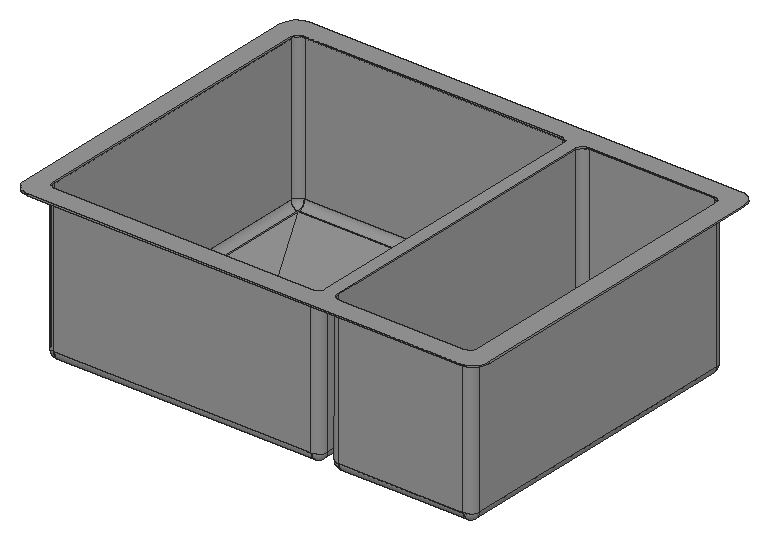
Revit family "BUILDMAT-SNGD010-Clara-595-Brass-Gold", category Plumbing Fixtures, host Face, Revit 2020
Family settings
  Host = Face
  Round Connector Dimension = Use Diameter
  Part Type = Normal
  Cut with Voids When Loaded = No
  Shared = No
  Room Calculation Point = No
Parameters (values of type "Clara 595x450x205mm")
  Width 2 = 180.0 mm
  Width 1 = 350.0 mm
  Undermount [instance] = 20.0 mm
  URL = "https://www.buildmat.com.au/products/clara-595x450-single-mini-bowl-sink"
  Sound Pad 2 = no
  Sound Pad 1 = yes
  Model = "SNA00010"  # constant formula
  Material = BUILDMAT Brass Gold
  Manufacturer URL = "https://www.buildmat.com.au/"
  Manufacturer = "BUILDMAT"  # constant formula
  Length = 400.0 mm
  Gap = 15.0 mm
  Drain Sound Pad 2 = no
  Drain Sound Pad 1 = yes
  Description = "BUILDMAT - Clara 595x450 Single & Mini Bowl Sink"  # constant formula
  Depth = 205.0 mm
  Default Elevation = 1200.0 mm
  D. S. Pad 2 = 75.0 mm
  D. S. Pad 1 = 230.0 mm
  D. Bracket 4 = 100.0 mm
  D. Bracket 3 = 25.0 mm
  D. Bracket 2 = 30.0 mm
  D. Bracket 1 = 100.0 mm
  Created By URL = "https://www.buildmat.com.au/"
  Created By = "BUILDMAT"  # constant formula
  Created = "22.06.2022"  # constant formula
  Bracket 4 = yes
  Bracket 3 = no
  Bracket 2 = yes
  Bracket 1 = yes
Reference planes
  plane 1 "Center (Front/Back)": y = 0
  plane 2: z = 0
  plane 3 "Center (Left/Right)": x = 0
  plane 4: x = -7.5
  plane 5: x = 7.5
  plane 6: x = -357.5
  plane 7: x = 187.5
  plane 8: y = -200
  plane 9: y = 200
  plane 10: x = -382.5
  plane 11: x = 212.5
  plane 12: y = -225
  plane 13: y = 225
  plane 14: x = 97.5
  plane 15: x = -182.5
  plane 16: y = 190
  plane 17: y = -190
  plane 18: x = -347.5
  plane 19: x = -17.5
  plane 20: x = 17.5
  plane 21: x = 177.5
  plane 22: y = 201.5
  plane 23: y = -201.5
  plane 24: x = -359
  plane 25: x = -6
  plane 26: x = 6
  plane 27: x = 189
  plane 28: x = -239.5
  plane 29: x = -125.5
  plane 30: x = -137.5
  plane 31: x = -227.5
  plane 32: x = 40.5
  plane 33: x = 52.5
  plane 34: x = 142.5
  plane 35: x = 154.5
  plane 36 "Sound Pad 1": x = -127.5
  plane 37 "Sound Pad 2": x = 112.5
  plane 38 "Top Substrate": z = -20
  plane 39: z = -18.5
  plane 40 "Bottom Void": z = -225
  plane 41: z = -215
  plane 42: z = -205
  plane 43: z = -220
  plane 44: z = -221.481
  plane 45: z = -216.5
  plane 46 "Sound Pad": z = -125
  plane 47 "Bracket 1": x = -257.5
  plane 48 "Bracket 2": x = -37.5
  plane 49 "Bracket 3": x = 32.5
  plane 50 "Bracket 4": x = 87.5
  plane 51: y = 100
  plane 52: y = -100
  plane 53: x = -282.5
  plane 54: x = -82.5
  plane 55: x = -2.5
  plane 56: x = 197.5
  plane 57: z = -185
  plane 58: z = -165
Forms (mm)
  Extrusion 1, void
    sketch origin (0, 0, 0) x (1, 0, 0) y (0, 1, 0)
      loop
        arc (-347.5, 200) -> (-354.571, 197.071) -> (-357.5, 190) r 10
        line (-357.5, 190) -> (-357.5, -190)
        arc (-357.5, -190) -> (-354.571, -197.071) -> (-347.5, -200) r 10
        line (-347.5, -200) -> (177.5, -200)
        arc (177.5, -200) -> (184.571, -197.071) -> (187.5, -190) r 10
        line (187.5, -190) -> (187.5, 190)
        arc (187.5, 190) -> (184.571, 197.071) -> (177.5, 200) r 10
        line (177.5, 200) -> (-347.5, 200)
    from 0 to -18.5
  Extrusion 2, void
    sketch origin (0, 0, 0) x (1, 0, 0) y (0, 1, 0)
      loop
        arc (-362.5, 225) -> (-376.642, 219.142) -> (-382.5, 205) r 20
        line (-382.5, 205) -> (-382.5, -205)
        arc (-382.5, -205) -> (-376.642, -219.142) -> (-362.5, -225) r 20
        line (-362.5, -225) -> (192.5, -225)
        arc (192.5, -225) -> (206.642, -219.142) -> (212.5, -205) r 20
        line (212.5, -205) -> (212.5, 205)
        arc (212.5, 205) -> (206.642, 219.142) -> (192.5, 225) r 20
        line (192.5, 225) -> (-362.5, 225)
    from -20 to -18.5
  Extrusion 3, void
    sketch origin (0, 0, 0) x (1, 0, 0) y (0, 1, 0)
      loop
        line (-359, 201.5) -> (-359, -201.5) -> (189, -201.5) -> (189, 201.5) -> (-359, 201.5)
    from -225 to -20
  Extrusion 4, solid, material "BUILDMAT Brass Gold" <- "Material"
    sketch origin (0, 0, -20) x (-1, 0, 0) y (0, -1, 0)
      loop
        arc (362.5, -225) -> (376.642, -219.142) -> (382.5, -205) r 20
        line (382.5, -205) -> (382.5, 205)
        arc (382.5, 205) -> (376.642, 219.142) -> (362.5, 225) r 20
        line (362.5, 225) -> (-192.5, 225)
        arc (-192.5, 225) -> (-206.642, 219.142) -> (-212.5, 205) r 20
        line (-212.5, 205) -> (-212.5, -205)
        arc (-212.5, -205) -> (-206.642, -219.142) -> (-192.5, -225) r 20
        line (-192.5, -225) -> (362.5, -225)
      loop
        arc (347.5, -200) -> (354.571, -197.071) -> (357.5, -190) r 10
        line (357.5, -190) -> (357.5, 190)
        arc (357.5, 190) -> (354.571, 197.071) -> (347.5, 200) r 10
        line (347.5, 200) -> (17.5, 200)
        arc (17.5, 200) -> (10.429, 197.071) -> (7.5, 190) r 10
        line (7.5, 190) -> (7.5, -190)
        arc (7.5, -190) -> (10.429, -197.071) -> (17.5, -200) r 10
        line (17.5, -200) -> (347.5, -200)
      loop
        line (-7.5, -190) -> (-7.5, 190)
        arc (-7.5, 190) -> (-10.429, 197.071) -> (-17.5, 200) r 10
        line (-17.5, 200) -> (-177.5, 200)
        arc (-177.5, 200) -> (-184.571, 197.071) -> (-187.5, 190) r 10
        line (-187.5, 190) -> (-187.5, -190)
        arc (-187.5, -190) -> (-184.571, -197.071) -> (-177.5, -200) r 10
        line (-177.5, -200) -> (-17.5, -200)
        arc (-17.5, -200) -> (-10.429, -197.071) -> (-7.5, -190) r 10
    from 0 to 1.5
  Extrusion 5, solid, material "BUILDMAT Brass Gold" <- "Material"
    sketch origin (0, 0, -20) x (-1, 0, 0) y (0, -1, 0)
      loop
        arc (347.5, -200) -> (354.571, -197.071) -> (357.5, -190) r 10
        line (357.5, -190) -> (357.5, 190)
        arc (357.5, 190) -> (354.571, 197.071) -> (347.5, 200) r 10
        line (347.5, 200) -> (17.5, 200)
        arc (17.5, 200) -> (10.429, 197.071) -> (7.5, 190) r 10
        line (7.5, 190) -> (7.5, -190)
        arc (7.5, -190) -> (10.429, -197.071) -> (17.5, -200) r 10
        line (17.5, -200) -> (347.5, -200)
      loop
        arc (347.5, -201.5) -> (355.632, -198.132) -> (359, -190) r 11.5
        line (359, -190) -> (359, 190)
        arc (359, 190) -> (355.632, 198.132) -> (347.5, 201.5) r 11.5
        line (347.5, 201.5) -> (17.5, 201.5)
        arc (17.5, 201.5) -> (9.368, 198.132) -> (6, 190) r 11.5
        line (6, 190) -> (6, -190)
        arc (6, -190) -> (9.368, -198.132) -> (17.5, -201.5) r 11.5
        line (17.5, -201.5) -> (347.5, -201.5)
    from 0 to -185
  Extrusion 6, solid, material "BUILDMAT Brass Gold" <- "Material"
    sketch origin (0, 0, -20) x (-1, 0, 0) y (0, -1, 0)
      loop
        arc (-17.5, -200) -> (-10.429, -197.071) -> (-7.5, -190) r 10
        line (-7.5, -190) -> (-7.5, 190)
        arc (-7.5, 190) -> (-10.429, 197.071) -> (-17.5, 200) r 10
        line (-17.5, 200) -> (-177.5, 200)
        arc (-177.5, 200) -> (-184.571, 197.071) -> (-187.5, 190) r 10
        line (-187.5, 190) -> (-187.5, -190)
        arc (-187.5, -190) -> (-184.571, -197.071) -> (-177.5, -200) r 10
        line (-177.5, -200) -> (-17.5, -200)
      loop
        line (-6, -190) -> (-6, 190)
        arc (-6, 190) -> (-9.368, 198.132) -> (-17.5, 201.5) r 11.5
        line (-17.5, 201.5) -> (-177.5, 201.5)
        arc (-177.5, 201.5) -> (-185.632, 198.132) -> (-189, 190) r 11.5
        line (-189, 190) -> (-189, -190)
        arc (-189, -190) -> (-185.632, -198.132) -> (-177.5, -201.5) r 11.5
        line (-177.5, -201.5) -> (-17.5, -201.5)
        arc (-17.5, -201.5) -> (-9.368, -198.132) -> (-6, -190) r 11.5
    from 0 to -185
  Extrusion 7, solid, material "BUILDMAT Brass Gold" <- "Material"
    sketch origin (0, 0, 0) x (1, 0, 0) y (0, 0, 1)
      loop
        line (-357.5, -205) -> (-359, -205)
        arc (-359, -205) -> (-355.632, -213.132) -> (-347.5, -216.5) r 11.5
        line (-347.5, -216.5) -> (-347.5, -215)
        arc (-347.5, -215) -> (-354.571, -212.071) -> (-357.5, -205) r 10
    from -190 to 190
  Extrusion 8, solid, material "BUILDMAT Brass Gold" <- "Material"
    sketch origin (0, 0, 0) x (1, 0, 0) y (0, 0, 1)
      loop
        arc (-7.5, -205) -> (-10.429, -212.071) -> (-17.5, -215) r 10
        line (-17.5, -215) -> (-17.5, -216.5)
        arc (-17.5, -216.5) -> (-9.368, -213.132) -> (-6, -205) r 11.5
        line (-6, -205) -> (-7.5, -205)
    from -190 to 190
  Extrusion 9, solid, material "BUILDMAT Brass Gold" <- "Material"
    sketch origin (0, 0, 0) x (1, 0, 0) y (0, 0, 1)
      loop
        line (7.5, -205) -> (6, -205)
        arc (6, -205) -> (9.368, -213.132) -> (17.5, -216.5) r 11.5
        line (17.5, -216.5) -> (17.5, -215)
        arc (17.5, -215) -> (10.429, -212.071) -> (7.5, -205) r 10
    from -190 to 190
  Extrusion 10, solid, material "BUILDMAT Brass Gold" <- "Material"
    sketch origin (0, 0, 0) x (1, 0, 0) y (0, 0, 1)
      loop
        arc (187.5, -205) -> (184.571, -212.071) -> (177.5, -215) r 10
        line (177.5, -215) -> (177.5, -216.5)
        arc (177.5, -216.5) -> (185.632, -213.132) -> (189, -205) r 11.5
        line (189, -205) -> (187.5, -205)
    from -190 to 190
  Extrusion 11, solid, material "BUILDMAT Brass Gold" <- "Material"
    sketch origin (0, 0, 0) x (0, 1, 0) y (0, 0, 1)
      loop
        line (201.5, -205) -> (200, -205)
        arc (200, -205) -> (197.071, -212.071) -> (190, -215) r 10
        line (190, -215) -> (190, -216.5)
        arc (190, -216.5) -> (198.132, -213.132) -> (201.5, -205) r 11.5
    from 17.5 to 177.5
  Extrusion 12, solid, material "BUILDMAT Brass Gold" <- "Material"
    sketch origin (0, 0, 0) x (0, 1, 0) y (0, 0, 1)
      loop
        line (-200, -205) -> (-201.5, -205)
        arc (-201.5, -205) -> (-198.132, -213.132) -> (-190, -216.5) r 11.5
        line (-190, -216.5) -> (-190, -215)
        arc (-190, -215) -> (-197.071, -212.071) -> (-200, -205) r 10
    from 17.5 to 177.5
  Extrusion 13, solid, material "BUILDMAT Brass Gold" <- "Material"
    sketch origin (0, 0, 0) x (0, 1, 0) y (0, 0, 1)
      loop
        arc (200, -205) -> (197.071, -212.071) -> (190, -215) r 10
        line (190, -215) -> (190, -216.5)
        arc (190, -216.5) -> (198.132, -213.132) -> (201.5, -205) r 11.5
        line (201.5, -205) -> (200, -205)
    from -347.5 to -17.5
  Extrusion 14, solid, material "BUILDMAT Brass Gold" <- "Material"
    sketch origin (0, 0, 0) x (0, 1, 0) y (0, 0, 1)
      loop
        line (-200, -205) -> (-201.5, -205)
        arc (-201.5, -205) -> (-198.132, -213.132) -> (-190, -216.5) r 11.5
        line (-190, -216.5) -> (-190, -215)
        arc (-190, -215) -> (-197.071, -212.071) -> (-200, -205) r 10
    from -347.5 to -17.5
  Revolve 15, solid, material "BUILDMAT Brass Gold" <- "Material"
    sketch origin (-423.435, 190, 4000) x (-1, 0, 0) y (0, 0, 1)
      loop
        arc (-65.935, -4205) -> (-68.864, -4212.071) -> (-75.935, -4215) r 10
        line (-75.935, -4215) -> (-75.935, -4216.5)
        arc (-75.935, -4216.5) -> (-67.804, -4213.132) -> (-64.435, -4205) r 11.5
        line (-64.435, -4205) -> (-65.935, -4205)
      axis (-75.935, -4205) -> (-75.935, -4216.5)
    angle from -90 to 0
  Revolve 16, solid, material "BUILDMAT Brass Gold" <- "Material"
    sketch origin (-423.435, 190, 4000) x (-1, 0, 0) y (0, 0, 1)
      loop
        line (-415.935, -4205) -> (-417.435, -4205)
        arc (-417.435, -4205) -> (-414.067, -4213.132) -> (-405.935, -4216.5) r 11.5
        line (-405.935, -4216.5) -> (-405.935, -4215)
        arc (-405.935, -4215) -> (-413.006, -4212.071) -> (-415.935, -4205) r 10
      axis (-405.935, -4205) -> (-405.935, -4216.5)
    angle from -90 to 0
  Revolve 17, solid, material "BUILDMAT Brass Gold" <- "Material"
    sketch origin (-423.435, 190, 4000) x (-1, 0, 0) y (0, 0, 1)
      loop
        arc (-430.935, -4205) -> (-433.864, -4212.071) -> (-440.935, -4215) r 10
        line (-440.935, -4215) -> (-440.935, -4216.5)
        arc (-440.935, -4216.5) -> (-432.804, -4213.132) -> (-429.435, -4205) r 11.5
        line (-429.435, -4205) -> (-430.935, -4205)
      axis (-440.935, -4205) -> (-440.935, -4216.5)
    angle from -90 to 0
  Revolve 18, solid, material "BUILDMAT Brass Gold" <- "Material"
    sketch origin (-423.435, 190, 4000) x (-1, 0, 0) y (0, 0, 1)
      loop
        line (-610.935, -4205) -> (-612.435, -4205)
        arc (-612.435, -4205) -> (-609.067, -4213.132) -> (-600.935, -4216.5) r 11.5
        line (-600.935, -4216.5) -> (-600.935, -4215)
        arc (-600.935, -4215) -> (-608.006, -4212.071) -> (-610.935, -4205) r 10
      axis (-600.935, -4205) -> (-600.935, -4216.5)
    angle from -90 to 0
  Revolve 19, solid, material "BUILDMAT Brass Gold" <- "Material"
    sketch origin (-423.435, -190, 4000) x (-1, 0, 0) y (0, 0, 1)
      loop
        arc (-65.935, -4205) -> (-68.864, -4212.071) -> (-75.935, -4215) r 10
        line (-75.935, -4215) -> (-75.935, -4216.5)
        arc (-75.935, -4216.5) -> (-67.804, -4213.132) -> (-64.435, -4205) r 11.5
        line (-64.435, -4205) -> (-65.935, -4205)
      axis (-75.935, -4205) -> (-75.935, -4216.5)
    angle from 0 to 90
  Revolve 20, solid, material "BUILDMAT Brass Gold" <- "Material"
    sketch origin (-423.435, -190, 4000) x (-1, 0, 0) y (0, 0, 1)
      loop
        arc (-417.435, -4205) -> (-414.067, -4213.132) -> (-405.935, -4216.5) r 11.5
        line (-405.935, -4216.5) -> (-405.935, -4215)
        arc (-405.935, -4215) -> (-413.006, -4212.071) -> (-415.935, -4205) r 10
        line (-415.935, -4205) -> (-417.435, -4205)
      axis (-405.935, -4205) -> (-405.935, -4216.5)
    angle from 0 to 90
  Revolve 21, solid, material "BUILDMAT Brass Gold" <- "Material"
    sketch origin (-423.435, -190, 4000) x (-1, 0, 0) y (0, 0, 1)
      loop
        line (-429.435, -4205) -> (-430.935, -4205)
        arc (-430.935, -4205) -> (-433.864, -4212.071) -> (-440.935, -4215) r 10
        line (-440.935, -4215) -> (-440.935, -4216.5)
        arc (-440.935, -4216.5) -> (-432.804, -4213.132) -> (-429.435, -4205) r 11.5
      axis (-440.935, -4205) -> (-440.935, -4216.5)
    angle from 0 to 90
  Revolve 22, solid, material "BUILDMAT Brass Gold" <- "Material"
    sketch origin (-423.435, -190, 4000) x (-1, 0, 0) y (0, 0, 1)
      loop
        arc (-612.435, -4205) -> (-609.067, -4213.132) -> (-600.935, -4216.5) r 11.5
        line (-600.935, -4216.5) -> (-600.935, -4215)
        arc (-600.935, -4215) -> (-608.006, -4212.071) -> (-610.935, -4205) r 10
        line (-610.935, -4205) -> (-612.435, -4205)
      axis (-600.935, -4205) -> (-600.935, -4216.5)
    angle from 0 to 90
  Extrusion 23, solid, material "BUILDMAT Brass Gold" <- "Material"
    sketch origin (0, 0, -20) x (-1, 0, 0) y (0, -1, 0)
      loop
        line (17.5, -190) -> (347.5, -190) -> (347.5, 190) -> (17.5, 190) -> (17.5, -190)
    from -196.5 to -195
  Extrusion 24, solid, material "BUILDMAT Brass Gold" <- "Material"
    sketch origin (0, 0, -20) x (-1, 0, 0) y (0, -1, 0)
      loop
        line (-17.5, -190) -> (-17.5, 190) -> (-177.5, 190) -> (-177.5, -190) -> (-17.5, -190)
    from -196.5 to -195
  Blend 25, solid, material "BUILDMAT Brass Gold" <- "Material"
    base sketch origin (0, 0, -20) x (-1, 0, 0) y (0, -1, 0)
      loop
        circle (182.5, 0) r 57
    top sketch origin (0, 0, -20) x (-1, 0, 0) y (0, -1, 0)
      loop
        line (347.5, -190) -> (347.5, 190) -> (17.5, 190) -> (17.5, -190) -> (347.5, -190)
    from -201.481 to -196.5
  Blend 26, solid, material "BUILDMAT Brass Gold" <- "Material"
    base sketch origin (0, 0, -20) x (-1, 0, 0) y (0, -1, 0)
      loop
        circle (-97.5, 0) r 57
    top sketch origin (0, 0, -20) x (-1, 0, 0) y (0, -1, 0)
      loop
        line (-17.5, -190) -> (-17.5, 190) -> (-177.5, 190) -> (-177.5, -190) -> (-17.5, -190)
    from -201.481 to -196.5
  Blend 27, void
    base sketch origin (0, 0, -20) x (-1, 0, 0) y (0, -1, 0)
      loop
        circle (182.5, 0) r 57
    top sketch origin (0, 0, -20) x (-1, 0, 0) y (0, -1, 0)
      loop
        line (347.5, -190) -> (347.5, 190) -> (17.5, 190) -> (17.5, -190) -> (347.5, -190)
    from -200 to -195
  Blend 28, void
    base sketch origin (0, 0, -20) x (-1, 0, 0) y (0, -1, 0)
      loop
        circle (-97.5, 0) r 57
    top sketch origin (0, 0, -20) x (-1, 0, 0) y (0, -1, 0)
      loop
        line (-17.5, -190) -> (-17.5, 190) -> (-177.5, 190) -> (-177.5, -190) -> (-17.5, -190)
    from -200 to -195
  Extrusion 29, void
    sketch origin (0, 0, -225) x (-1, 0, 0) y (0, -1, 0)
      loop
        circle (182.5, 0) r 57
    from 0 to 5
  Extrusion 30, void
    sketch origin (0, 0, -225) x (-1, 0, 0) y (0, -1, 0)
      loop
        circle (-97.5, 0) r 57
    from 0 to 5
  Revolve 31, solid, material "BUILDMAT Brass Gold" <- "Material"
    sketch origin (0, 0, 0) x (1, 0, 0) y (0, 0, 1)
      loop
        spline (-239.5, -220) -> (-239.397, -220.653) -> (-239.091, -221.294) -> (-238.587, -221.913) -> (-237.892, -222.5) -> (-237.02, -223.044) -> (-235.985, -223.536) -> (-234.805, -223.967) -> (-233.5, -224.33) -> (-232.092, -224.619) -> (-230.606, -224.83) -> (-229.066, -224.957) -> (-227.5, -225)
        line (-227.5, -225) -> (-227.5, -223.5)
        spline (-227.5, -223.5) -> (-228.871, -223.47) -> (-230.218, -223.381) -> (-231.518, -223.234) -> (-232.75, -223.031) -> (-233.892, -222.777) -> (-234.925, -222.475) -> (-235.83, -222.131) -> (-236.593, -221.75) -> (-237.201, -221.339) -> (-237.642, -220.906) -> (-237.91, -220.457) -> (-238, -220)
        line (-238, -220) -> (-239.5, -220)
      axis (-182.5, -225) -> (-182.5, -220)
    angle from 0 to 360
  Revolve 32, solid, material "BUILDMAT Brass Gold" <- "Material"
    sketch origin (0, 0, 0) x (1, 0, 0) y (0, 0, 1)
      loop
        line (154.5, -220) -> (153, -220)
        spline (153, -220) -> (152.91, -220.457) -> (152.642, -220.906) -> (152.201, -221.339) -> (151.593, -221.75) -> (150.83, -222.131) -> (149.925, -222.475) -> (148.892, -222.777) -> (147.75, -223.031) -> (146.518, -223.234) -> (145.218, -223.381) -> (143.871, -223.47) -> (142.5, -223.5)
        line (142.5, -223.5) -> (142.5, -225)
        spline (142.5, -225) -> (144.066, -224.957) -> (145.606, -224.83) -> (147.092, -224.619) -> (148.5, -224.33) -> (149.805, -223.967) -> (150.985, -223.536) -> (152.02, -223.044) -> (152.892, -222.5) -> (153.587, -221.913) -> (154.091, -221.294) -> (154.397, -220.653) -> (154.5, -220)
      axis (97.5, -220) -> (97.5, -225)
    angle from 0 to 360
Cuts and joins
  Blend 27, Extrusion 29 cuts Extrusion 23
  Blend 27, Extrusion 29 cuts Blend 25
  joined: Extrusion 23, Blend 25
  Blend 28, Extrusion 30 cuts Extrusion 24
  Blend 28, Extrusion 30 cuts Blend 26
  joined: Extrusion 24, Blend 26
Lines and regions (mm)
  Masking region 1
    outline origin (0, 0, 0) x (1, 0, 0) y (0, 0, 1)
      loop
        line (-357.5, -20) -> (-357.5, -205)
        arc (-357.5, -205) -> (-354.571, -212.071) -> (-347.5, -215) r 10
        line (-347.5, -215) -> (-239.5, -220) -> (-125.5, -220) -> (-17.5, -215)
        arc (-17.5, -215) -> (-10.429, -212.071) -> (-7.5, -205) r 10
        line (-7.5, -205) -> (-7.5, -20) -> (-357.5, -20)
  Masking region 2
    outline origin (0, 0, 0) x (1, 0, 0) y (0, 0, 1)
      loop
        line (7.5, -20) -> (7.5, -205)
        arc (7.5, -205) -> (10.429, -212.071) -> (17.5, -215) r 10
        line (17.5, -215) -> (40.5, -220) -> (154.5, -220) -> (177.5, -215)
        arc (177.5, -215) -> (184.571, -212.071) -> (187.5, -205) r 10
        line (187.5, -205) -> (187.5, -20) -> (7.5, -20)
  Masking region 3, visible <- "Drain Sound Pad 1"
    outline origin (0, 0, 0) x (1, 0, 0) y (0, 0, 1)
      loop
        line (-239.5, -221.481) -> (-282.5, -219.498) -> (-282.5, -225) -> (-239.5, -225) -> (-239.5, -221.481)
  Masking region 4, visible <- "Drain Sound Pad 1"
    outline origin (0, 0, 0) x (1, 0, 0) y (0, 0, 1)
      loop
        line (-125.5, -221.481) -> (-125.5, -225) -> (-82.5, -225) -> (-82.5, -219.498) -> (-125.5, -221.481)
  Masking region 5, visible <- "Drain Sound Pad 2"
    outline origin (0, 0, 0) x (1, 0, 0) y (0, 0, 1)
      loop
        line (-2.5, -212.168) -> (-2.5, -225) -> (40.5, -225) -> (40.5, -221.481) -> (-2.5, -212.168)
  Masking region 6, visible <- "Drain Sound Pad 2"
    outline origin (0, 0, 0) x (1, 0, 0) y (0, 0, 1)
      loop
        line (197.5, -212.168) -> (154.5, -221.481) -> (154.5, -225) -> (197.5, -225) -> (197.5, -212.168)
  Masking region 7
    outline origin (0, 0, 0) x (1, 0, 0) y (0, 0, 1)
      loop
        line (-6, -165) -> (-6, -185) -> (6, -185) -> (6, -165) -> (-6, -165)
Text (mm)
  text "Refer to www.buildmat.com.au for the most current product literature. \nAllow a +/- 5mm tolerance for dimensions shown in the product literature. \nPlease note product details are subject to change due to ongoing product development." at (0.056, -1035.857, 0), in view "Ref. Level"
Dimensions and locks
  equal spacing: plane 4, plane 3 "Center (Left/Right)", plane 5
  "Gap": plane 4 to plane 5
  "Width 1": plane 6 to plane 4
  "Width 2": plane 5 to plane 7
  equal spacing: plane 9, plane 1 "Center (Front/Back)", plane 8
  "Length": plane 8 to plane 9
  locked: plane 10 to plane 6 at 25
  locked: plane 7 to plane 11 at 25
  locked: plane 13 to plane 9 at 25
  locked: plane 8 to plane 12 at 25
  equal spacing: plane 5, plane 14, plane 7
  equal spacing: plane 6, plane 15, plane 4
  locked: plane 9 to plane 16 at 10
  locked: plane 17 to plane 8 at 10
  locked: plane 6 to plane 18 at 10
  locked: plane 19 to plane 4 at 10
  locked: plane 5 to plane 20 at 10
  locked: plane 21 to plane 7 at 10
  locked: plane 8 to plane 23 at 1.5
  locked: plane 22 to plane 9 at 1.5
  locked: plane 24 to plane 6 at 1.5
  locked: plane 4 to plane 25 at 1.5
  locked: plane 26 to plane 5 at 1.5
  locked: plane 7 to plane 27 at 1.5
  plane 28 to plane 15 to plane 29 = 57.0 mm locked, 57.0 mm locked
  plane 31 to plane 15 to plane 30 = 45.0 mm locked, 45.0 mm locked
  plane 32 to plane 14 to plane 35 = 57.0 mm locked, 57.0 mm locked
  plane 33 to plane 14 to plane 34 = 45.0 mm locked, 45.0 mm locked
  locked: plane 39 to plane 38 "Top Substrate" at 1.5
  plane 42 to plane 41 to plane 40 "Bottom Void" = 10.0 mm locked, 10.0 mm locked
  locked: plane 43 to plane 40 "Bottom Void" at 5
  locked: plane 43 to plane 44 at 1.481
  locked: plane 41 to plane 45 at 1.5
  locked: plane 46 "Sound Pad" to plane 40 "Bottom Void" at 100
  "Depth": plane 38 "Top Substrate" to plane 40 "Bottom Void"
  "Undermount": plane 2 to plane 38 "Top Substrate"
  "D. S. Pad 1": plane 36 "Sound Pad 1" to plane 6
  "D. S. Pad 2": plane 7 to plane 37 "Sound Pad 2"
  "D. Bracket 1": plane 47 "Bracket 1" to plane 6
  "D. Bracket 2": plane 4 to plane 48 "Bracket 2"
  "D. Bracket 3": plane 49 "Bracket 3" to plane 5
  "D. Bracket 4": plane 7 to plane 50 "Bracket 4"
  locked: plane 9 to plane 51 at 100
  locked: plane 52 to plane 8 at 100
  plane 54 to plane 15 to plane 53 = 100.0 mm locked, 100.0 mm locked
  plane 56 to plane 14 to plane 55 = 100.0 mm locked, 100.0 mm locked
  plane 58 to plane 57 to plane 42 = 20.0 mm locked, 20.0 mm locked
  aligned and locked: plane 2 to host face
  aligned and locked: level to host face
  aligned and locked: Extrusion 1 sketch curve to plane 9
  aligned and locked: Extrusion 1 sketch curve to plane 6
  aligned and locked: Extrusion 1 sketch curve to plane 7
  aligned and locked: Extrusion 1 sketch curve to plane 8
  aligned and locked: Extrusion 1 to level
  aligned and locked: Extrusion 1 to plane 39
  aligned and locked: Extrusion 2 sketch curve to plane 13
  aligned and locked: Extrusion 2 sketch curve to plane 10
  aligned and locked: Extrusion 2 sketch curve to plane 11
  aligned and locked: Extrusion 2 sketch curve to plane 12
  aligned and locked: Extrusion 2 to plane 38 "Top Substrate"
  aligned and locked: plane 39 to Extrusion 2
  aligned and locked: Extrusion 3 sketch curve to plane 22
  aligned and locked: Extrusion 3 sketch curve to plane 24
  aligned and locked: Extrusion 3 sketch curve to plane 27
  aligned and locked: Extrusion 3 sketch curve to plane 23
  aligned and locked: Extrusion 3 to plane 40 "Bottom Void"
  aligned and locked: plane 38 "Top Substrate" to Extrusion 3
  aligned and locked: Extrusion 4 sketch curve to plane 13
  aligned and locked: Extrusion 4 sketch curve to plane 10
  aligned and locked: Extrusion 4 sketch curve to plane 11
  aligned and locked: Extrusion 4 sketch curve to plane 12
  aligned and locked: Extrusion 4 sketch curve to plane 9  (x2)
  aligned and locked: Extrusion 4 sketch curve to plane 6
  aligned and locked: Extrusion 4 sketch curve to plane 8  (x2)
  aligned and locked: Extrusion 4 sketch curve to plane 4
  aligned and locked: Extrusion 4 sketch curve to plane 5
  aligned and locked: Extrusion 4 sketch curve to plane 7
  aligned and locked: Extrusion 4 to plane 38 "Top Substrate"
  aligned and locked: plane 39 to Extrusion 4
  aligned and locked: Extrusion 5 sketch curve to plane 9
  aligned and locked: Extrusion 5 sketch curve to plane 22
  aligned and locked: Extrusion 5 sketch curve to plane 6
  aligned and locked: Extrusion 5 sketch curve to plane 24
  aligned and locked: Extrusion 5 sketch curve to plane 25
  aligned and locked: Extrusion 5 sketch curve to plane 4
  aligned and locked: Extrusion 5 sketch curve to plane 23
  aligned and locked: Extrusion 5 sketch curve to plane 8
  aligned and locked: Extrusion 5 to plane 42
  aligned and locked: plane 38 "Top Substrate" to Extrusion 5
  aligned and locked: Extrusion 6 sketch curve to plane 9
  aligned and locked: Extrusion 6 sketch curve to plane 7
  aligned and locked: Extrusion 6 sketch curve to plane 8
  aligned and locked: Extrusion 6 sketch curve to plane 5
  aligned and locked: Extrusion 6 sketch curve to plane 26
  aligned and locked: Extrusion 6 sketch curve to plane 27
  aligned and locked: Extrusion 6 sketch curve to plane 22
  aligned and locked: Extrusion 6 sketch curve to plane 23
  aligned and locked: Extrusion 6 to plane 42
  aligned and locked: plane 38 "Top Substrate" to Extrusion 6
  aligned and locked: Extrusion 7 sketch curve to plane 42
  aligned and locked: Extrusion 7 sketch curve to plane 18
  aligned and locked: Extrusion 8 sketch curve to plane 42
  aligned and locked: Extrusion 8 sketch curve to plane 19
  aligned and locked: Extrusion 9 sketch curve to plane 42
  aligned and locked: Extrusion 9 sketch curve to plane 20
  aligned and locked: Extrusion 10 sketch curve to plane 21
  aligned and locked: Extrusion 10 sketch curve to plane 42
  aligned and locked: plane 16 to Extrusion 10
  aligned and locked: plane 16 to Extrusion 9
  aligned and locked: plane 16 to Extrusion 8
  aligned and locked: plane 16 to Extrusion 7
  aligned and locked: Extrusion 10 to plane 17
  aligned and locked: Extrusion 9 to plane 17
  aligned and locked: Extrusion 8 to plane 17
  aligned and locked: Extrusion 7 to plane 17
  aligned and locked: plane 42 to Extrusion 11 sketch curve
  aligned and locked: plane 16 to Extrusion 11 sketch curve
  aligned and locked: plane 17 to Extrusion 12 sketch curve
  aligned and locked: plane 42 to Extrusion 12 sketch curve
  aligned and locked: plane 21 to Extrusion 11
  aligned and locked: plane 21 to Extrusion 12
  aligned and locked: Extrusion 11 to plane 20
  aligned and locked: Extrusion 12 to plane 20
  aligned and locked: plane 16 to Extrusion 13 sketch curve
  aligned and locked: plane 42 to Extrusion 13 sketch curve
  aligned and locked: plane 17 to Extrusion 14 sketch curve
  aligned and locked: plane 42 to Extrusion 14 sketch curve
  aligned and locked: Extrusion 14 to plane 18
  aligned and locked: plane 19 to Extrusion 14
  aligned and locked: Extrusion 13 to plane 18
  aligned and locked: plane 19 to Extrusion 13
  aligned and locked: Revolve 15 sketch curve to plane 18
  aligned and locked: plane 42 to Revolve 15 sketch curve
  aligned and locked: plane 18 to Revolve 15 sketch curve
  aligned and locked: plane 18 to Revolve 15
  aligned and locked: plane 16 to Revolve 15
  aligned and locked: Revolve 16 sketch curve to plane 19
  aligned and locked: plane 19 to Revolve 16 sketch curve
  aligned and locked: plane 42 to Revolve 16 sketch curve
  aligned and locked: Revolve 16 to plane 19
  aligned and locked: plane 16 to Revolve 16
  aligned and locked: Revolve 17 sketch curve to plane 20
  aligned and locked: plane 42 to Revolve 17 sketch curve
  aligned and locked: plane 20 to Revolve 17 sketch curve
  aligned and locked: plane 20 to Revolve 17
  aligned and locked: plane 16 to Revolve 17
  aligned and locked: Revolve 18 sketch curve to plane 21
  aligned and locked: plane 21 to Revolve 18 sketch curve
  aligned and locked: plane 42 to Revolve 18 sketch curve
  aligned and locked: Revolve 18 to plane 21
  aligned and locked: plane 16 to Revolve 18
  aligned and locked: Revolve 19 sketch curve to plane 18
  aligned and locked: plane 42 to Revolve 19 sketch curve
  aligned and locked: plane 18 to Revolve 19 sketch curve
  aligned and locked: Revolve 19 to plane 18
  aligned and locked: plane 17 to Revolve 19
  aligned and locked: Revolve 20 sketch curve to plane 19
  aligned and locked: plane 42 to Revolve 20 sketch curve
  aligned and locked: plane 19 to Revolve 20 sketch curve
  aligned and locked: plane 19 to Revolve 20
  aligned and locked: plane 17 to Revolve 20
  aligned and locked: Revolve 21 sketch curve to plane 20
  aligned and locked: plane 42 to Revolve 21 sketch curve
  aligned and locked: plane 20 to Revolve 21 sketch curve
  aligned and locked: Revolve 21 to plane 20
  aligned and locked: plane 17 to Revolve 21
  aligned and locked: Revolve 22 sketch curve to plane 21
  aligned and locked: plane 42 to Revolve 22 sketch curve
  aligned and locked: plane 21 to Revolve 22 sketch curve
  aligned and locked: plane 17 to Revolve 22
  aligned and locked: plane 21 to Revolve 22
  aligned and locked: Extrusion 23 sketch curve to plane 19
  aligned and locked: Extrusion 23 sketch curve to plane 18
  aligned and locked: Extrusion 23 sketch curve to plane 16
  aligned and locked: Extrusion 23 sketch curve to plane 17
  aligned and locked: Extrusion 23 to plane 45
  aligned and locked: plane 41 to Extrusion 23
  aligned and locked: Extrusion 24 sketch curve to plane 16
  aligned and locked: Extrusion 24 sketch curve to plane 17
  aligned and locked: Extrusion 24 sketch curve to plane 21
  aligned and locked: Extrusion 24 sketch curve to plane 20
  aligned and locked: Extrusion 24 to plane 45
  aligned and locked: plane 41 to Extrusion 24
  aligned and locked: plane 44 to Blend 25
  aligned and locked: plane 45 to Blend 25
  aligned and locked: plane 44 to Blend 26
  aligned and locked: plane 45 to Blend 26
  aligned and locked: Blend 25 sketch curve to plane 16
  aligned and locked: Blend 25 sketch curve to plane 17
  aligned and locked: Blend 25 sketch curve to plane 18
  aligned and locked: Blend 25 sketch curve to plane 19
  aligned and locked: Blend 26 sketch curve to plane 16
  aligned and locked: Blend 26 sketch curve to plane 17
  aligned and locked: Blend 26 sketch curve to plane 21
  aligned and locked: Blend 26 sketch curve to plane 20
  aligned and locked: Blend 27 sketch curve to plane 16
  aligned and locked: Blend 27 sketch curve to plane 17
  aligned and locked: Blend 27 sketch curve to plane 18
  aligned and locked: Blend 27 sketch curve to plane 19
  aligned and locked: Blend 27 to plane 43
  aligned and locked: plane 41 to Blend 27
  aligned and locked: Blend 28 sketch curve to plane 16
  aligned and locked: Blend 28 sketch curve to plane 17
  aligned and locked: Blend 28 sketch curve to plane 21
  aligned and locked: Blend 28 sketch curve to plane 20
  aligned and locked: Blend 28 to plane 43
  aligned and locked: plane 41 to Blend 28
  aligned and locked: Extrusion 29 to plane 40 "Bottom Void"
  aligned and locked: plane 43 to Extrusion 29
  aligned and locked: Extrusion 30 to plane 40 "Bottom Void"
  aligned and locked: plane 43 to Extrusion 30
  aligned and locked: plane 15 to Revolve 31 sketch curve
  aligned and locked: Revolve 31 sketch curve to plane 43
  aligned and locked: plane 31 to Revolve 31 sketch curve
  aligned and locked: Revolve 32 sketch curve to plane 14
  aligned and locked: plane 34 to Revolve 32 sketch curve
  aligned and locked: plane 43 to Revolve 32 sketch curve
  aligned and locked: plane 18 to nested 1
  aligned and locked: plane 19 to nested 1
  aligned and locked: plane 17 to nested 1
  aligned and locked: plane 16 to nested 1
  aligned and locked: plane 20 to nested 2
  aligned and locked: plane 21 to nested 2
  aligned and locked: plane 17 to nested 2
  aligned and locked: plane 16 to nested 2
  aligned and locked: plane 14 to nested 4
  aligned and locked: plane 15 to nested 3
  aligned and locked: plane 1 "Center (Front/Back)" to nested 3
  aligned and locked: plane 1 "Center (Front/Back)" to nested 4
  aligned and locked: plane 51 to nested 5
  aligned and locked: plane 24 to nested 5
  aligned and locked: plane 52 to nested 6
  aligned and locked: plane 24 to nested 6
  aligned and locked: nested 7 to plane 51
  aligned and locked: nested 8 to plane 52
  aligned and locked: nested 8 to plane 27
  aligned and locked: nested 7 to plane 27
  aligned and locked: nested 13 to plane 47 "Bracket 1"
  aligned and locked: nested 14 to plane 48 "Bracket 2"
  aligned and locked: plane 23 to nested 13
  aligned and locked: plane 23 to nested 14
  aligned and locked: nested 15 to plane 49 "Bracket 3"
  aligned and locked: plane 23 to nested 15
  aligned and locked: nested 16 to plane 50 "Bracket 4"
  aligned and locked: plane 23 to nested 16
  aligned and locked: plane 47 "Bracket 1" to nested 9
  aligned and locked: nested 9 to plane 22
  aligned and locked: plane 48 "Bracket 2" to nested 10
  aligned and locked: nested 10 to plane 22
  aligned and locked: plane 49 "Bracket 3" to nested 11
  aligned and locked: plane 50 "Bracket 4" to nested 12
  aligned and locked: nested 12 to plane 22
  aligned and locked: nested 11 to plane 22
  aligned and locked: Masking region 1 sketch curve to plane 38 "Top Substrate"
  aligned and locked: Masking region 1 sketch curve to plane 6
  aligned and locked: Masking region 1 sketch curve to plane 4
  aligned and locked: Masking region 1 sketch curve to Extrusion 7
  aligned and locked: Masking region 1 sketch curve to Extrusion 8
  aligned and locked: Masking region 1 sketch curve to plane 43
  aligned and locked: Masking region 1 sketch curve to cut or joined group of Extrusion 23, Blend 25, Blend 27, Extrusion 29  (x2)
  aligned and locked: Masking region 2 sketch curve to plane 38 "Top Substrate"
  aligned and locked: Masking region 2 sketch curve to plane 43
  aligned and locked: Masking region 2 sketch curve to plane 7
  aligned and locked: Masking region 2 sketch curve to plane 5
  aligned and locked: Masking region 2 sketch curve to Extrusion 9
  aligned and locked: Masking region 2 sketch curve to cut or joined group of Extrusion 24, Blend 26, Blend 28, Extrusion 30  (x2)
  aligned and locked: Masking region 2 sketch curve to Extrusion 10
  aligned and locked: nested 17 to plane 38 "Top Substrate"
  aligned and locked: plane 47 "Bracket 1" to nested 17
  aligned and locked: nested 18 to plane 38 "Top Substrate"
  aligned and locked: plane 48 "Bracket 2" to nested 18
  aligned and locked: nested 20 to plane 38 "Top Substrate"
  aligned and locked: plane 50 "Bracket 4" to nested 20
  aligned and locked: nested 19 to plane 38 "Top Substrate"
  aligned and locked: plane 49 "Bracket 3" to nested 19
  aligned and locked: nested 21 to plane 46 "Sound Pad"
  aligned and locked: plane 36 "Sound Pad 1" to nested 21
  aligned and locked: nested 22 to plane 46 "Sound Pad"
  aligned and locked: plane 37 "Sound Pad 2" to nested 22
  aligned and locked: Masking region 3 sketch curve to plane 28
  aligned and locked: cut or joined group of Extrusion 23, Blend 25, Blend 27, Extrusion 29 to Masking region 3 sketch curve
  aligned and locked: Masking region 3 sketch curve to plane 40 "Bottom Void"
  aligned and locked: Masking region 3 sketch curve to plane 53
  aligned and locked: Masking region 4 sketch curve to plane 29
  aligned and locked: Masking region 4 sketch curve to plane 54
  aligned and locked: Masking region 4 sketch curve to plane 40 "Bottom Void"
  aligned and locked: Masking region 4 sketch curve to cut or joined group of Extrusion 23, Blend 25, Blend 27, Extrusion 29
  aligned and locked: Masking region 5 sketch curve to cut or joined group of Extrusion 24, Blend 26, Blend 28, Extrusion 30
  aligned and locked: Masking region 5 sketch curve to plane 55
  aligned and locked: Masking region 5 sketch curve to plane 32
  aligned and locked: Masking region 5 sketch curve to plane 40 "Bottom Void"
  aligned and locked: Masking region 6 sketch curve to plane 56
  aligned and locked: Masking region 6 sketch curve to plane 35
  aligned and locked: Masking region 6 sketch curve to cut or joined group of Extrusion 24, Blend 26, Blend 28, Extrusion 30
  aligned and locked: Masking region 6 sketch curve to plane 40 "Bottom Void"
  aligned and locked: Masking region 7 sketch curve to plane 58
  aligned and locked: Masking region 7 sketch curve to plane 57
  aligned and locked: Masking region 7 sketch curve to plane 25
  aligned and locked: Masking region 7 sketch curve to plane 26
Automatic sketch dimensions
  host sketch curve to host sketch curve = 2438.4 mm  (x2)
  Extrusion 1 sketch curve to plane 17 = 0.0 mm
  Extrusion 1 sketch curve to plane 18 = 0.0 mm
  Extrusion 1 sketch curve to plane 21 = 0.0 mm
  Extrusion 1 sketch curve to plane 16 = 0.0 mm
  Extrusion 2 sketch curve to plane 24 = 3.5 mm
  Extrusion 2 sketch curve to plane 23 = 3.5 mm
  plane 22 to Extrusion 2 sketch curve = 3.5 mm
  plane 27 to Extrusion 2 sketch curve = 3.5 mm
  Extrusion 4 sketch curve to plane 21 = 0.0 mm
  Extrusion 4 sketch curve to plane 16 = 0.0 mm  (x2)
  Extrusion 4 sketch curve to plane 20 = 0.0 mm
  Extrusion 4 sketch curve to plane 19 = 0.0 mm  (x2)
  Extrusion 4 sketch curve to plane 18 = 0.0 mm  (x2)
  plane 27 to Extrusion 4 sketch curve = 3.5 mm  (x2)
  Extrusion 4 sketch curve to plane 24 = 3.5 mm
  plane 22 to Extrusion 4 sketch curve = 3.5 mm
  Extrusion 5 sketch curve to plane 19 = 0.0 mm
  Extrusion 5 sketch curve to plane 18 = 0.0 mm  (x2)
  Extrusion 5 sketch curve to plane 17 = 0.0 mm
  Extrusion 5 sketch curve to Extrusion 5 sketch curve = 0.0 mm  (x4)
  Extrusion 6 sketch curve to plane 21 = 0.0 mm
  Extrusion 6 sketch curve to plane 20 = 0.0 mm  (x2)
  Extrusion 6 sketch curve to plane 16 = 0.0 mm
  Extrusion 6 sketch curve to Extrusion 6 sketch curve = 0.0 mm  (x4)
  Extrusion 7 sketch curve to plane 6 = 0.0 mm
  Extrusion 7 sketch curve to plane 45 = 0.0 mm
  Extrusion 8 sketch curve to plane 4 = 0.0 mm
  Extrusion 8 sketch curve to plane 45 = 0.0 mm
  Extrusion 9 sketch curve to plane 5 = 0.0 mm
  Extrusion 9 sketch curve to plane 45 = 0.0 mm
  Extrusion 10 sketch curve to plane 7 = 0.0 mm
  Extrusion 10 sketch curve to plane 45 = 0.0 mm
  Extrusion 11 sketch curve to plane 9 = 0.0 mm
  Extrusion 11 sketch curve to plane 45 = 0.0 mm
  Extrusion 12 sketch curve to plane 8 = 0.0 mm
  Extrusion 12 sketch curve to plane 45 = 0.0 mm
  Extrusion 13 sketch curve to plane 9 = 0.0 mm
  Extrusion 13 sketch curve to plane 45 = 0.0 mm
  Extrusion 14 sketch curve to plane 8 = 0.0 mm
  Extrusion 14 sketch curve to plane 45 = 0.0 mm
  Revolve 15 sketch curve to plane 6 = 0.0 mm
  Revolve 15 sketch curve to plane 45 = 0.0 mm  (x2)
  Revolve 15 sketch curve to plane 42 = 0.0 mm
  Revolve 16 sketch curve to plane 4 = 0.0 mm
  Revolve 16 sketch curve to plane 45 = 0.0 mm  (x2)
  Revolve 16 sketch curve to plane 42 = 0.0 mm
  Revolve 17 sketch curve to plane 5 = 0.0 mm
  Revolve 17 sketch curve to plane 45 = 0.0 mm  (x2)
  Revolve 17 sketch curve to plane 42 = 0.0 mm
  Revolve 18 sketch curve to plane 7 = 0.0 mm
  Revolve 18 sketch curve to plane 45 = 0.0 mm  (x2)
  Revolve 18 sketch curve to plane 42 = 0.0 mm
  Revolve 19 sketch curve to plane 6 = 0.0 mm
  Revolve 19 sketch curve to plane 45 = 0.0 mm  (x2)
  Revolve 19 sketch curve to plane 42 = 0.0 mm
  Revolve 20 sketch curve to plane 4 = 0.0 mm
  Revolve 20 sketch curve to plane 45 = 0.0 mm  (x2)
  Revolve 20 sketch curve to plane 42 = 0.0 mm
  Revolve 21 sketch curve to plane 5 = 0.0 mm
  Revolve 21 sketch curve to plane 45 = 0.0 mm  (x2)
  Revolve 21 sketch curve to plane 42 = 0.0 mm
  Revolve 22 sketch curve to plane 7 = 0.0 mm
  Revolve 22 sketch curve to plane 45 = 0.0 mm  (x2)
  Revolve 22 sketch curve to plane 42 = 0.0 mm
  plane 1 "Center (Front/Back)" to Blend 25 sketch curve = 0.0 mm
  Blend 25 sketch curve to plane 15 = 0.0 mm
  plane 1 "Center (Front/Back)" to Blend 26 sketch curve = 0.0 mm
  Blend 26 sketch curve to plane 14 = 0.0 mm
  plane 1 "Center (Front/Back)" to Blend 27 sketch curve = 0.0 mm
  Blend 27 sketch curve to plane 15 = 0.0 mm
  plane 1 "Center (Front/Back)" to Blend 28 sketch curve = 0.0 mm
  Blend 28 sketch curve to plane 14 = 0.0 mm
  plane 1 "Center (Front/Back)" to Extrusion 29 sketch curve = 0.0 mm
  Extrusion 29 sketch curve to plane 15 = 0.0 mm
  plane 1 "Center (Front/Back)" to Extrusion 30 sketch curve = 0.0 mm
  Extrusion 30 sketch curve to plane 14 = 0.0 mm
  Revolve 31 sketch curve to plane 28 = 0.0 mm
  Revolve 31 sketch curve to plane 40 "Bottom Void" = 0.0 mm
  Revolve 31 sketch curve to plane 42 = 0.0 mm
  plane 28 to Revolve 31 sketch curve = 1.5 mm
  Revolve 31 sketch curve to Revolve 31 sketch curve = 1.5 mm
  plane 40 "Bottom Void" to Revolve 31 sketch curve = 0.0 mm
  Revolve 32 sketch curve to plane 35 = 0.0 mm
  Revolve 32 sketch curve to plane 40 "Bottom Void" = 0.0 mm
  Revolve 32 sketch curve to plane 42 = 0.0 mm
  Revolve 32 sketch curve to Revolve 32 sketch curve = 1.5 mm  (x2)
  plane 40 "Bottom Void" to Revolve 32 sketch curve = 0.0 mm
  radius of Blend 25 sketch curve = 57.0 mm
  radius of Blend 26 sketch curve = 57.0 mm
  radius of Blend 27 sketch curve = 57.0 mm
  radius of Blend 28 sketch curve = 57.0 mm
  radius of Extrusion 29 sketch curve = 57.0 mm
  radius of Extrusion 30 sketch curve = 57.0 mm
Nested families
  nested 1: "BOWL Plan" at (-182.5, 0, -125), type "BOWL Plan"
    with Width 330.0 mm, Lenght 380.0 mm
  nested 2: "BOWL Plan" at (97.5, 0, -125), type "BOWL Plan"
    with Width 160.0 mm, Lenght 380.0 mm
  nested 3: "DRAIN" at (-182.5, 0, -20), type "DRAIN"
  nested 4: "DRAIN" at (97.5, 0, -20), type "DRAIN"
  nested 5: "TMB_Plan" at (-359, 100, -225) x (0, 1, 0) z (0, 0, 1), type "TMB_Plan"
  nested 6: "TMB_Plan" at (-359, -100, -225) x (0, 1, 0) z (0, 0, 1), type "TMB_Plan"
  nested 7: "TMB_Plan" at (189, 100, -225) x (0, -1, 0) z (0, 0, 1), type "TMB_Plan"
  nested 8: "TMB_Plan" at (189, -100, -225) x (0, -1, 0) z (0, 0, 1), type "TMB_Plan"
  nested 9: "TMB_Plan" at (-257.5, 201.5, -225), visible <- "Bracket 1", type "TMB_Plan"
  nested 10: "TMB_Plan" at (-37.5, 201.5, -225), visible <- "Bracket 2", type "TMB_Plan"
  nested 11: "TMB_Plan" at (32.5, 201.5, -225), visible <- "Bracket 3", type "TMB_Plan"
  nested 12: "TMB_Plan" at (87.5, 201.5, -225), visible <- "Bracket 4", type "TMB_Plan"
  nested 13: "TMB_Plan" at (-257.5, -201.5, -225) x (-1, 0, 0) z (0, 0, 1), visible <- "Bracket 1", type "TMB_Plan"
  nested 14: "TMB_Plan" at (-37.5, -201.5, -225) x (-1, 0, 0) z (0, 0, 1), visible <- "Bracket 2", type "TMB_Plan"
  nested 15: "TMB_Plan" at (32.5, -201.5, -225) x (-1, 0, 0) z (0, 0, 1), visible <- "Bracket 3", type "TMB_Plan"
  nested 16: "TMB_Plan" at (87.5, -201.5, -225) x (-1, 0, 0) z (0, 0, 1), visible <- "Bracket 4", type "TMB_Plan"
  nested 17: "TMB_Front" at (-257.5, 0, -20) x (1, 0, 0) z (0, -1, 0), visible <- "Bracket 1", type "TMB_Front"
  nested 18: "TMB_Front" at (-37.5, 0, -20) x (1, 0, 0) z (0, -1, 0), visible <- "Bracket 2", type "TMB_Front"
  nested 19: "TMB_Front" at (32.5, 0, -20) x (1, 0, 0) z (0, -1, 0), visible <- "Bracket 3", type "TMB_Front"
  nested 20: "TMB_Front" at (87.5, 0, -20) x (1, 0, 0) z (0, -1, 0), visible <- "Bracket 4", type "TMB_Front"
  nested 21: "SP_Front" at (-127.5, 0, -125) x (1, 0, 0) z (0, -1, 0), visible <- "Sound Pad 1", type "SP_Front"
  nested 22: "SP_Front" at (112.5, 0, -125) x (1, 0, 0) z (0, -1, 0), visible <- "Sound Pad 2", type "SP_Front"
Definition of nested family "BOWL Plan"
  Parameters (values of type "BOWL Plan")
    Width [instance] = 600.0 mm
    Lenght [instance] = 400.0 mm
  Reference planes
    plane 1 "Center (Front/Back)": y = 0
    plane 2: z = 0
    plane 3 "Center (Left/Right)": x = 0
    plane 4 "Left": x = -300
    plane 5 "Right": x = 300
    plane 6 "Back": y = 200
    plane 7 "Front": y = -200
  Lines and regions (mm)
    Masking region 1, in view "Ref. Level"
      outline origin (0, 0, 0) x (1, 0, 0) y (0, 1, 0)
        loop
          line (-300, 200) -> (-300, -200) -> (300, -200) -> (300, 200) -> (-300, 200)
    detail lines, in view "Ref. Level"
      curve 1: line (-300, 200, 0) -> (300, -200, 0)
      curve 2: line (-300, -200, 0) -> (300, 200, 0)
  Dimensions and locks
    equal spacing: plane 6 "Back", plane 1 "Center (Front/Back)", plane 7 "Front"
    "Lenght": plane 6 "Back" to plane 7 "Front"
    equal spacing: plane 4 "Left", plane 3 "Center (Left/Right)", plane 5 "Right"
    "Width": plane 4 "Left" to plane 5 "Right"
    aligned and locked: plane 4 "Left" to Masking region 1 sketch curve
    aligned and locked: Masking region 1 sketch curve to plane 5 "Right"
    aligned and locked: plane 7 "Front" to Masking region 1 sketch curve
    aligned and locked: Masking region 1 sketch curve to plane 6 "Back"
  Automatic sketch dimensions
    curve 2 to plane 4 "Left" = 0.0 mm
    curve 1 to plane 4 "Left" = 0.0 mm
    curve 2 to plane 5 "Right" = 0.0 mm
    curve 1 to plane 5 "Right" = 0.0 mm
    curve 1 to plane 7 "Front" = 0.0 mm
    curve 2 to plane 7 "Front" = 0.0 mm
    curve 2 to plane 6 "Back" = 0.0 mm
    curve 1 to plane 6 "Back" = 0.0 mm
Definition of nested family "DRAIN"
  Reference planes
    plane 1 "Center (Front/Back)": y = 0
    plane 2: z = 0
    plane 3 "Center (Left/Right)": x = 0
  Lines and regions (mm)
    Masking region 1, in view "Ref. Level"
      outline origin (0, 0, 0) x (1, 0, 0) y (0, 1, 0)
        loop
          circle (0, 0) r 57
    detail lines, in view "Ref. Level"
      curve 1: circle (0, 0, 0) r 45 normal (0, 0, 1)
      curve 2: circle (0, 0, 0) r 55.5 normal (0, 0, 1)
Definition of nested family "TMB_Plan"
  Reference planes
    plane 1 "Center (Front/Back)": y = 0
    plane 2: z = 0
    plane 3 "Center (Left/Right)": x = 0
  Lines and regions (mm)
    detail lines, in view "Ref. Level"
      curve 1: line (-17.5, 0, 0) -> (17.5, 0, 0)
      curve 2: line (17.5, 0, 0) -> (17.5, 5, 0)
      curve 3: line (17.5, 5, 0) -> (12.5, 5, 0)
      curve 4: line (-17.5, 0, 0) -> (-17.5, 5, 0)
      curve 5: line (-17.5, 5, 0) -> (-12.5, 5, 0)
Definition of nested family "TMB_Front"
  Reference planes
    plane 1 "Center (Elevation)": y = 0
    plane 2: z = 0
    plane 3 "Center (Left/Right)": x = 0
  Lines and regions (mm)
    Masking region 1, in view "Ref. Level"
      outline origin (0, 0, 0) x (1, 0, 0) y (0, 1, 0)
        loop
          line (-17.5, 0) -> (-17.5, -80) -> (17.5, -80) -> (17.5, 0) -> (-17.5, 0)
    detail lines, in view "Ref. Level"
      curve 1: line (-17.5, 0, 0) -> (-17.5, -80, 0)
      curve 2: line (-17.5, -80, 0) -> (17.5, -80, 0)
      curve 3: line (17.5, -80, 0) -> (17.5, 0, 0)
      curve 4: line (-12.5, -50, 0) -> (12.5, -50, 0)
      curve 5: line (-12.5, -75, 0) -> (-12.5, -50, 0)
      curve 6: line (12.5, -75, 0) -> (-12.5, -75, 0)
      curve 7: line (12.5, -50, 0) -> (12.5, -75, 0)
Definition of nested family "SP_Front"
  Reference planes
    plane 1 "Center (Elevation)": y = 0
    plane 2: z = 0
    plane 3 "Center (Left/Right)": x = 0
  Lines and regions (mm)
    Masking region 1, in view "Ref. Level"
      outline origin (0, 0, 0) x (1, 0, 0) y (0, 1, 0)
        loop
          arc (-50, 40) -> (-57.071, 37.071) -> (-60, 30) r 10
          line (-60, 30) -> (-60, -30)
          arc (-60, -30) -> (-57.071, -37.071) -> (-50, -40) r 10
          line (-50, -40) -> (50, -40)
          arc (50, -40) -> (57.071, -37.071) -> (60, -30) r 10
          line (60, -30) -> (60, 30)
          arc (60, 30) -> (57.071, 37.071) -> (50, 40) r 10
          line (50, 40) -> (-50, 40)
    detail lines, in view "Ref. Level"
      curve 1: line (-50, 40, 0) -> (50, 40, 0)
      curve 2: line (50, -40, 0) -> (-50, -40, 0)
      curve 3: line (60, 30, 0) -> (60, -30, 0)
      curve 4: line (-60, 30, 0) -> (-60, -30, 0)
      curve 5: arc (-50, 40, 0) -> (-57.071, 37.071, 0) -> (-60, 30, 0) r 10
      curve 6: arc (-60, -30, 0) -> (-57.071, -37.071, 0) -> (-50, -40, 0) r 10
      curve 7: arc (50, -40, 0) -> (57.071, -37.071, 0) -> (60, -30, 0) r 10
      curve 8: arc (60, 30, 0) -> (57.071, 37.071, 0) -> (50, 40, 0) r 10
  Dimensions and locks
    aligned and locked: Masking region 1 sketch curve to curve 1
    aligned and locked: Masking region 1 sketch curve to curve 4
    aligned and locked: Masking region 1 sketch curve to curve 2
    aligned and locked: Masking region 1 sketch curve to curve 3
